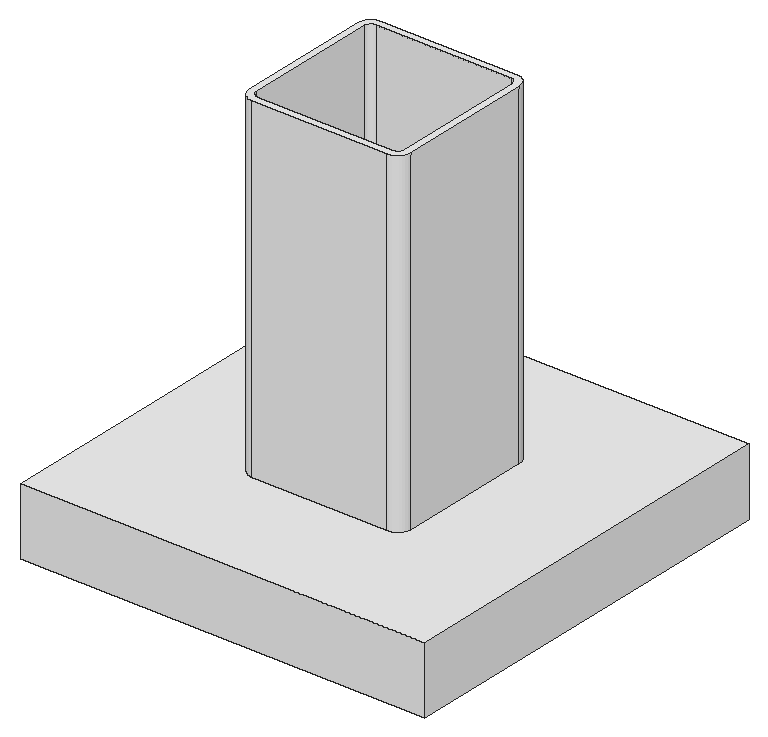
Revit family "steel_foundation", category Structural Columns, Revit 2022
Family settings
  Section Shape = Rectangular HSS
  Material for Model Behavior = Steel
  Always export as geometry = No
  Beam cutback in plan = From bounding box
  Code Name = GB/T 6728-2002
  Cut with Voids When Loaded = No
  Symbolic Representation = From Project Settings
  Shared = No
  Show family pre-cut in plan views = Yes
Parameters (values of type "B50x50x1.75")
  Width = 120.00 mm
  Wall Nominal Thickness = 5.00 mm
  Wall Design Thickness = 5.0 mm
  Torsional Moment of Inertia = 438.99 cm⁴
  Torsional Modulus = 81.72 cm³
  Structural Material [instance] = 金属 - 钢 Q345 16
  Section Name Key = ""
  Section Area = 18.36 cm²
  Plastic Modulus weak axis = 0.0 cm³
  Plastic Modulus strong axis = 0.0 cm³
  Outer Fillet = 10.00 mm
  Nominal Weight = 14.4099 kgf/m
  Moment of Inertia weak axis = 271.07 cm⁴
  Moment of Inertia strong axis = 271.07 cm⁴
  Inner Fillet = 5.00 mm
  Height = 120.00 mm
  Elastic Modulus weak axis = 54.21 cm³
  Elastic Modulus strong axis = 54.21 cm³
  Centroid Vertical = Height / 2  # 60.0 mm
  Centroid Horizontal = Width / 2  # 60.0 mm
  Assembly Code = ""
Reference planes
  plane 1 "中心(前/后)": y = 0
  plane 2: z = 0
  plane 3 "中心(左/右)": x = 0
  plane 4: x = -60
  plane 5: x = 60
  plane 6: y = 60
  plane 7: y = -60
  plane 8: y = 55
  plane 9: y = -55
  plane 10: x = -55
  plane 11: x = 55
  plane 12: y = 150
  plane 13: x = -150
  plane 14: y = -150
  plane 15: x = 150
  plane 16: z = 50
Forms (mm)
  Extrusion 1, solid, material "金属 - 钢 Q345 16" <- "Structural Material", detail levels fine
    sketch origin (0, 0, 0) x (1, 0, 0) y (0, 1, 0)
      loop
        arc (-50, 60) -> (-57.071, 57.071) -> (-60, 50) r 10
        line (-60, 50) -> (-60, -50)
        arc (-60, -50) -> (-57.071, -57.071) -> (-50, -60) r 10
        line (-50, -60) -> (50, -60)
        arc (50, -60) -> (57.071, -57.071) -> (60, -50) r 10
        line (60, -50) -> (60, 50)
        arc (60, 50) -> (57.071, 57.071) -> (50, 60) r 10
        line (50, 60) -> (-50, 60)
      loop
        arc (-50, 55) -> (-53.536, 53.536) -> (-55, 50) r 5
        line (-55, 50) -> (-55, -50)
        arc (-55, -50) -> (-53.536, -53.536) -> (-50, -55) r 5
        line (-50, -55) -> (50, -55)
        arc (50, -55) -> (53.536, -53.536) -> (55, -50) r 5
        line (55, -50) -> (55, 50)
        arc (55, 50) -> (53.536, 53.536) -> (50, 55) r 5
        line (50, 55) -> (-50, 55)
    from 0 to 300
  Extrusion 2, solid, material "金属 - 钢 Q345 16" <- "Structural Material", detail levels medium
    sketch origin (0, 0, 0) x (1, 0, 0) y (0, 1, 0)
      loop
        line (-60, 60) -> (-60, -60) -> (60, -60) -> (60, 60) -> (-60, 60)
      loop
        line (-55, 55) -> (-55, -55) -> (55, -55) -> (55, 55) -> (-55, 55)
    from 0 to 300
  Extrusion 3, solid, material "金属 - 钢 Q345 16" <- "Structural Material"
    sketch origin (0, 0, 0) x (1, 0, 0) y (0, 1, 0)
      loop
        line (-150, 150) -> (-150, -150) -> (150, -150) -> (150, 150) -> (-150, 150)
    from 0 to 50
Lines and regions (mm)
  symbolic lines, style "StructuralColumnStickSymbols", detail levels coarse
    curve 1: line (-60, 60, 0) -> (60, 60, 0)
    curve 2: line (-60, -60, 0) -> (60, -60, 0)
    curve 5: line (-60, 60, 0) -> (-60, -60, 0)
    curve 6: line (60, 60, 0) -> (60, -60, 0)
  symbolic lines, style "隐藏面", detail levels medium+fine
    curve 3: line (-55, 0, 0) -> (-55, 0, 2500)
    curve 4: line (55, 0, 2500) -> (55, 0, 0)
    curve 7: line (0, 55, 0) -> (0, 55, 2500)
    curve 8: line (0, -55, 0) -> (0, -55, 2500)
Dimensions and locks
  equal spacing: plane 4, plane 3 "中心(左/右)", plane 5
  equal spacing: plane 7, plane 1 "中心(前/后)", plane 6
  "Height": plane 7 to plane 6
  "Width": plane 4 to plane 5
  "Wall Nominal Thickness": plane 6 to plane 8
  "Wall Nominal Thickness": plane 4 to plane 10
  "Wall Nominal Thickness": plane 11 to plane 5
  "Wall Nominal Thickness": plane 9 to plane 7
  "Outer Fillet": radius of Extrusion 1 sketch curve  (x4)
  "Inner Fillet": radius of Extrusion 1 sketch curve  (x4)
  aligned and locked: level to plane 2
  aligned and locked: plane 10 to Extrusion 1 sketch curve
  aligned and locked: Extrusion 1 sketch curve to plane 4
  aligned and locked: Extrusion 1 sketch curve to plane 8
  aligned and locked: Extrusion 1 sketch curve to plane 11
  aligned and locked: plane 9 to Extrusion 1 sketch curve
  aligned and locked: Extrusion 1 sketch curve to plane 7
  aligned and locked: plane 5 to curve 6
  aligned and locked: plane 7 to curve 2
  aligned and locked: plane 4 to curve 5
  aligned and locked: plane 6 to curve 1
  aligned and locked: plane 6 to Extrusion 1 sketch curve
  aligned and locked: curve 7 to plane 8
  aligned and locked: curve 8 to plane 9
  aligned and locked: plane 6 to Extrusion 2 sketch curve
  aligned and locked: Extrusion 2 sketch curve to plane 7
  aligned and locked: Extrusion 2 sketch curve to plane 8
  aligned and locked: plane 10 to Extrusion 2 sketch curve
  aligned and locked: plane 9 to Extrusion 2 sketch curve
  aligned and locked: Extrusion 2 sketch curve to plane 11
  aligned and locked: Extrusion 3 sketch curve to plane 12
  aligned and locked: Extrusion 3 sketch curve to plane 13
  aligned and locked: Extrusion 3 sketch curve to plane 14
  aligned and locked: Extrusion 3 sketch curve to plane 15
  aligned and locked: Extrusion 3 to plane 16
Automatic sketch dimensions
  curve 3 to level = 0.00 mm  (x2)
  curve 4 to level = 0.00 mm  (x2)
  curve 8 to level = 0.00 mm  (x2)
  curve 7 to level = 0.00 mm  (x2)
  curve 4 to plane 11 = 0.00 mm
  curve 3 to plane 10 = 0.00 mm
  Extrusion 2 sketch curve to plane 5 = 0.00 mm
  Extrusion 2 sketch curve to plane 4 = 0.00 mm
  Extrusion 1 sketch curve to Extrusion 1 sketch curve = 0.00 mm
